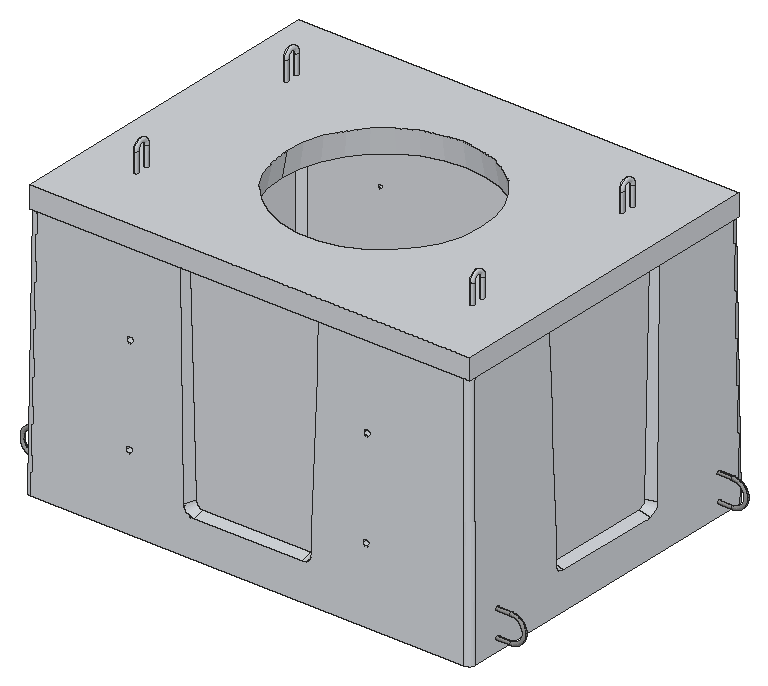
Revit family "110101-00059", category Обобщенные модели, Revit 2019
Family settings
  Может служить основой для арматурных стержней = Нет
  Размер круглого соединителя = Использовать диаметр
  Тип детали = Нормальный
  На основе рабочей плоскости = Нет
  Всегда вертикально = Да
  При загрузке вырезать с полостями = Нет
  Общий = Нет
  Точка расчета площади = Нет
Parameters (values of type "Колодец ККСр-1-10(80) ГЕК-ССД")
  ADSK_Ширина = 1050 mm
  ADSK_Ссылка на сайт = "https://www.ssd.ru/kolodets-kksr-1-10-80-gek-ssd-v22-5"
  ADSK_Сертификат соответствия = "https://www.ssd.ru/upload/iblock/ec0/sert_b25_0221.pdf"
  ADSK_Наименование = "Колодец ККСр-1-10(80) ГЕК-ССД"
  ADSK_Масса = "1089"
  ADSK_Марка = "ККСр"
  ADSK_Код изделия = "110101-00059"
  ADSK_Класс бетона = "В25"
  ADSK_Изготовитель = "АО \"СВЯЗЬСТРОЙДЕТАЛЬ\""
  ADSK_Длина = 1370 mm
  ADSK_Высота = 780 mm
Reference planes
  plane 1 "По центру (Вперед/Назад)": y = 0
  plane 2: z = 0
  plane 3 "По центру (Влево/Вправо)": x = 0
  plane 4: x = -685
  plane 5: x = 685
  plane 6: y = 525
  plane 7: y = -525
  plane 8: z = 780
  plane 9: z = 40
  plane 10: z = 80
  plane 11: z = 120
Forms (mm)
  Blend 1, solid
    base sketch origin (0, 0, 0) x (1, 0, 0) y (0, 1, 0)
      loop
        arc (-655, 515) -> (-669.142, 509.142) -> (-675, 495) r 20
        line (-675, 495) -> (-675, -495)
        arc (-675, -495) -> (-669.142, -509.142) -> (-655, -515) r 20
        line (-655, -515) -> (655, -515)
        arc (655, -515) -> (669.142, -509.142) -> (675, -495) r 20
        line (675, -495) -> (675, 495)
        arc (675, 495) -> (669.142, 509.142) -> (655, 515) r 20
        line (655, 515) -> (-655, 515)
    top sketch origin (0, 0, 0) x (1, 0, 0) y (0, 1, 0)
      loop
        arc (-665, 525) -> (-679.142, 519.142) -> (-685, 505) r 20
        line (-685, 505) -> (-685, -505)
        arc (-685, -505) -> (-679.142, -519.142) -> (-665, -525) r 20
        line (-665, -525) -> (665, -525)
        arc (665, -525) -> (679.142, -519.142) -> (685, -505) r 20
        line (685, -505) -> (685, 505)
        arc (685, 505) -> (679.142, 519.142) -> (665, 525) r 20
        line (665, 525) -> (-665, 525)
    from 780 to 0
  Blend 2, void
    base sketch origin (0, 0, 0) x (1, 0, 0) y (0, 1, 0)
      loop
        line (-585, 435) -> (-605, 415) -> (-605, -415) -> (-585, -435) -> (585, -435) -> (605, -415) -> (605, 415) -> (585, 435) -> (-585, 435)
    top sketch origin (0, 0, 0) x (1, 0, 0) y (0, 1, 0)
      loop
        line (-595, 445) -> (-615, 425) -> (-615, -425) -> (-595, -445) -> (595, -445) -> (615, -425) -> (615, 425) -> (595, 445) -> (-595, 445)
    from 120 to 780
  Blend 3, void
    base sketch origin (0, 0, 0) x (1, 0, 0) y (0, 1, 0)
      loop
        line (-543, 393) -> (-563, 373) -> (-563, -373) -> (-543, -393) -> (543, -393) -> (563, -373) -> (563, 373) -> (543, 393) -> (-543, 393)
    top sketch origin (0, 0, 0) x (1, 0, 0) y (0, 1, 0)
      loop
        line (-605, 415) -> (-605, -415) -> (-585, -435) -> (585, -435) -> (605, -415) -> (605, 415) -> (585, 435) -> (-585, 435) -> (-605, 415)
    from 80 to 120
  Blend 4, void
    base sketch origin (0, 0, 0) x (1, 0, 0) y (0, 1, 0)
      loop
        line (-100, 75) -> (-100, -75) -> (100, -75) -> (100, 75) -> (-100, 75)
    top sketch origin (0, 0, 0) x (1, 0, 0) y (0, 1, 0)
      loop
        line (-140, 115) -> (-140, -115) -> (140, -115) -> (140, 115) -> (-140, 115)
    from 40 to 80
  Blend 5, void
    base sketch origin (0, 0, 0) x (1, 0, 0) y (0, 0, 1)
      loop
        line (205, 780) -> (-205, 780) -> (-185.73, 140.593)
        arc (-185.73, 140.593) -> (-179.677, 125.979) -> (-165.063, 119.926) r 20.667
        line (-165.063, 119.926) -> (165.138, 119.926)
        arc (165.138, 119.926) -> (179.629, 125.929) -> (185.632, 140.42) r 20.493
        line (185.632, 140.42) -> (205, 780)
    top sketch origin (0, 0, 0) x (1, 0, 0) y (0, 0, 1)
      loop
        arc (165.137, 109.917) -> (186.702, 118.85) -> (195.635, 140.416) r 30.498
        line (195.635, 140.416) -> (215, 780) -> (-215, 780) -> (-195.725, 140.444)
        arc (-195.725, 140.444) -> (-186.784, 118.858) -> (-165.198, 109.917) r 30.527
        line (-165.198, 109.917) -> (165.137, 109.917)
    from 489.678 to 525
  Blend 6, void
    base sketch origin (158.873, 0, 0) x (0, -1, 0) y (0, 0, -1)
      loop
        line (205, -780) -> (185.632, -140.42)
        arc (185.632, -140.42) -> (179.629, -125.929) -> (165.138, -119.926) r 20.493
        line (165.138, -119.926) -> (-165.063, -119.926)
        arc (-165.063, -119.926) -> (-179.677, -125.979) -> (-185.73, -140.593) r 20.667
        line (-185.73, -140.593) -> (-205, -780) -> (205, -780)
    top sketch origin (158.873, 0, 0) x (0, -1, 0) y (0, 0, -1)
      loop
        line (165.137, -109.917) -> (-165.198, -109.917)
        arc (-165.198, -109.917) -> (-186.784, -118.858) -> (-195.725, -140.444) r 30.527
        line (-195.725, -140.444) -> (-215, -780) -> (215, -780) -> (195.635, -140.416)
        arc (195.635, -140.416) -> (186.702, -118.85) -> (165.137, -109.917) r 30.498
    from 489.678 to 525.451
  Blend 7, void
    base sketch origin (-158.873, 0, 0) x (0, -1, 0) y (0, 0, 1)
      loop
        line (205, 780) -> (-205, 780) -> (-185.73, 140.593)
        arc (-185.73, 140.593) -> (-179.677, 125.979) -> (-165.063, 119.926) r 20.667
        line (-165.063, 119.926) -> (165.138, 119.926)
        arc (165.138, 119.926) -> (179.629, 125.929) -> (185.632, 140.42) r 20.493
        line (185.632, 140.42) -> (205, 780)
    top sketch origin (-158.873, 0, 0) x (0, -1, 0) y (0, 0, 1)
      loop
        arc (165.137, 109.917) -> (186.702, 118.85) -> (195.635, 140.416) r 30.498
        line (195.635, 140.416) -> (215, 780) -> (-215, 780) -> (-195.725, 140.444)
        arc (-195.725, 140.444) -> (-186.784, 118.858) -> (-165.198, 109.917) r 30.527
        line (-165.198, 109.917) -> (165.137, 109.917)
    from 489.678 to 525.451
  Blend 8, void, detail levels fine
    base sketch origin (0, 0, 0) x (1, 0, 0) y (0, 0, 1)
      loop
        circle (-363, 230) r 9.5
    top sketch origin (0, 0, 0) x (1, 0, 0) y (0, 0, 1)
      loop
        circle (-363, 230) r 9.5
    from 477.643 to 525
  Blend 9, void, detail levels fine
    base sketch origin (0, 0, 0) x (1, 0, 0) y (0, 0, 1)
      loop
        circle (-363, 230) r 6.5
    top sketch origin (0, 0, 0) x (1, 0, 0) y (0, 0, 1)
      loop
        circle (-363, 230) r 6.5
    from 415.554 to 489.678
  Blend 10, void, detail levels fine
    base sketch origin (0, 0, 300) x (1, 0, 0) y (0, 0, 1)
      loop
        circle (-363, 230) r 9.5
    top sketch origin (0, 0, 300) x (1, 0, 0) y (0, 0, 1)
      loop
        circle (-363, 230) r 9.5
    from 477.643 to 525
  Blend 11, void, detail levels fine
    base sketch origin (0, 0, 300) x (1, 0, 0) y (0, 0, 1)
      loop
        circle (-363, 230) r 6.5
    top sketch origin (0, 0, 300) x (1, 0, 0) y (0, 0, 1)
      loop
        circle (-363, 230) r 6.5
    from 415.554 to 502.304
  Blend 12, void, detail levels fine
    base sketch origin (0, 0, 0) x (-1, 0, 0) y (0, 0, -1)
      loop
        circle (-363, -230) r 9.5
    top sketch origin (0, 0, 0) x (-1, 0, 0) y (0, 0, -1)
      loop
        circle (-363, -230) r 9.5
    from 477.643 to 525
  Blend 13, void, detail levels fine
    base sketch origin (0, 0, 0) x (-1, 0, 0) y (0, 0, -1)
      loop
        circle (-363, -230) r 6.5
    top sketch origin (0, 0, 0) x (-1, 0, 0) y (0, 0, -1)
      loop
        circle (-363, -230) r 6.5
    from 415.554 to 489.678
  Blend 14, void, detail levels fine
    base sketch origin (0, 0, 300) x (-1, 0, 0) y (0, 0, -1)
      loop
        circle (-363, -230) r 9.5
    top sketch origin (0, 0, 300) x (-1, 0, 0) y (0, 0, -1)
      loop
        circle (-363, -230) r 9.5
    from 477.643 to 525
  Blend 15, void, detail levels fine
    base sketch origin (0, 0, 300) x (-1, 0, 0) y (0, 0, -1)
      loop
        circle (-363, -230) r 6.5
    top sketch origin (0, 0, 300) x (-1, 0, 0) y (0, 0, -1)
      loop
        circle (-363, -230) r 6.5
    from 415.554 to 489.678
  Blend 16, void, detail levels fine
    base sketch origin (0, 0, 0) x (1, 0, 0) y (0, 0, -1)
      loop
        circle (-363, -230) r 9.5
    top sketch origin (0, 0, 0) x (1, 0, 0) y (0, 0, -1)
      loop
        circle (-363, -230) r 9.5
    from 477.643 to 525
  Blend 17, void
    base sketch origin (0, 0, 0) x (1, 0, 0) y (0, 0, -1)
      loop
        circle (-363, -230) r 6.5
    top sketch origin (0, 0, 0) x (1, 0, 0) y (0, 0, -1)
      loop
        circle (-363, -230) r 6.5
    from 415.554 to 489.678
  Blend 18, void, detail levels fine
    base sketch origin (0, 0, 300) x (1, 0, 0) y (0, 0, -1)
      loop
        circle (-363, -230) r 9.5
    top sketch origin (0, 0, 300) x (1, 0, 0) y (0, 0, -1)
      loop
        circle (-363, -230) r 9.5
    from 477.643 to 525
  Blend 19, void
    base sketch origin (0, 0, 300) x (1, 0, 0) y (0, 0, -1)
      loop
        circle (-363, -230) r 6.5
    top sketch origin (0, 0, 300) x (1, 0, 0) y (0, 0, -1)
      loop
        circle (-363, -230) r 6.5
    from 415.554 to 489.678
  Blend 20, void
    base sketch origin (0, 0, 0) x (-1, 0, 0) y (0, 0, 1)
      loop
        circle (-363, 230) r 9.5
    top sketch origin (0, 0, 0) x (-1, 0, 0) y (0, 0, 1)
      loop
        circle (-363, 230) r 9.5
    from 477.643 to 525
  Blend 21, void
    base sketch origin (0, 0, 0) x (-1, 0, 0) y (0, 0, 1)
      loop
        circle (-363, 230) r 6.5
    top sketch origin (0, 0, 0) x (-1, 0, 0) y (0, 0, 1)
      loop
        circle (-363, 230) r 6.5
    from 415.554 to 489.678
  Blend 22, void, detail levels fine
    base sketch origin (0, 0, 300) x (-1, 0, 0) y (0, 0, 1)
      loop
        circle (-363, 230) r 9.5
    top sketch origin (0, 0, 300) x (-1, 0, 0) y (0, 0, 1)
      loop
        circle (-363, 230) r 9.5
    from 477.643 to 525
  Blend 23, void
    base sketch origin (0, 0, 300) x (-1, 0, 0) y (0, 0, 1)
      loop
        circle (-363, 230) r 6.5
    top sketch origin (0, 0, 300) x (-1, 0, 0) y (0, 0, 1)
      loop
        circle (-363, 230) r 6.5
    from 415.554 to 489.678
  Blend 24, void
    base sketch origin (0, 0, 0) x (1, 0, 0) y (0, 0, -1)
      loop
        line (205, -780) -> (185.632, -140.42)
        arc (185.632, -140.42) -> (179.629, -125.929) -> (165.138, -119.926) r 20.493
        line (165.138, -119.926) -> (-165.063, -119.926)
        arc (-165.063, -119.926) -> (-179.677, -125.979) -> (-185.73, -140.593) r 20.667
        line (-185.73, -140.593) -> (-205, -780) -> (205, -780)
    top sketch origin (0, 0, 0) x (1, 0, 0) y (0, 0, -1)
      loop
        line (165.137, -109.917) -> (-165.198, -109.917)
        arc (-165.198, -109.917) -> (-186.784, -118.858) -> (-195.725, -140.444) r 30.527
        line (-195.725, -140.444) -> (-215, -780) -> (215, -780) -> (195.635, -140.416)
        arc (195.635, -140.416) -> (186.702, -118.85) -> (165.137, -109.917) r 30.498
    from 489.678 to 525
  Sweep 25, solid, material "Петля", detail levels fine
    path origin (0, 0, 0) x (1, 0, 0) y (0, 0, 1)
      loop
        line (685, 40) -> (730, 40)
        arc (730, 40) -> (770, 80) -> (730, 120) r 40
        line (730, 120) -> (683.462, 120)
    profile origin (707.5, 0, 40) x (0, 0, 1) y (0, -1, 0)
      loop
        circle (0, -425) r 5
  Sweep 26, solid, material "Петля", detail levels fine
    path origin (0, 0, 0) x (1, 0, 0) y (0, 0, -1)
      loop
        line (685, -40) -> (730, -40)
        arc (730, -40) -> (770, -80) -> (730, -120) r 40
        line (730, -120) -> (683.462, -120)
    profile origin (707.5, 0, 40) x (0, 0, -1) y (0, 1, 0)
      loop
        circle (0, -425) r 5
  Sweep 27, solid, material "Петля", detail levels fine
    path origin (0, 0, 0) x (-1, 0, 0) y (0, 0, 1)
      loop
        line (685, 40) -> (730, 40)
        arc (730, 40) -> (770, 80) -> (730, 120) r 40
        line (730, 120) -> (683.462, 120)
    profile origin (-707.5, 0, 40) x (0, 0, 1) y (0, 1, 0)
      loop
        circle (0, -425) r 5
  Sweep 28, solid, material "Петля", detail levels fine
    path origin (0, 0, 0) x (-1, 0, 0) y (0, 0, -1)
      loop
        line (685, -40) -> (730, -40)
        arc (730, -40) -> (770, -80) -> (730, -120) r 40
        line (730, -120) -> (683.462, -120)
    profile origin (-707.5, 0, 40) x (0, 0, -1) y (0, -1, 0)
      loop
        circle (0, -425) r 5
Cuts and joins
  Blend 2, Blend 3, Blend 4, Blend 5, Blend 6, Blend 7, Blend 8, Blend 9, Blend 10, Blend 11, Blend 12, Blend 13, Blend 14, Blend 15, Blend 16, Blend 17, Blend 18, Blend 19, Blend 20, Blend 21, Blend 22, Blend 23, Blend 24 cuts Blend 1
Dimensions and locks
  "ADSK_Длина": plane 4 to plane 5
  equal spacing: plane 4, plane 3 "По центру (Влево/Вправо)", plane 5
  "ADSK_Ширина": plane 6 to plane 7
  equal spacing: plane 6, plane 1 "По центру (Вперед/Назад)", plane 7
  "ADSK_Высота": level to plane 8
  plane 2 to plane 9 = 40 mm
  plane 2 to plane 10 = 80 mm
  plane 2 to plane 11 = 120 mm
  aligned and locked: level to plane 2
  aligned and locked: Blend 1 sketch curve to plane 6
  aligned and locked: plane 4 to Blend 1 sketch curve
  aligned and locked: plane 7 to Blend 1 sketch curve
  aligned and locked: Blend 1 sketch curve to plane 5
  aligned and locked: Blend 1 to Blend 2
  aligned and locked: Blend 2 to plane 11
  aligned and locked: plane 10 to Blend 4
  aligned and locked: Blend 4 to plane 9
Automatic sketch dimensions
  plane 4 to Blend 1 sketch curve = 10 mm
  plane 7 to Blend 1 sketch curve = 10 mm
  Blend 1 sketch curve to Blend 1 sketch curve = 20 mm  (x3)
  Blend 1 sketch curve to plane 6 = 10 mm
  Blend 1 sketch curve to plane 5 = 30 mm  (x2)
  Blend 1 sketch curve to plane 5 = 10 mm
  Blend 1 sketch curve to plane 6 = 0 mm
  plane 4 to Blend 1 sketch curve = 20 mm
  Blend 1 sketch curve to plane 5 = 20 mm  (x2)
  Blend 1 sketch curve to Blend 1 sketch curve = 0 mm
  plane 4 to Blend 2 sketch curve = 80 mm
  Blend 2 sketch curve to Blend 2 sketch curve = 20 mm  (x12)
  Blend 2 sketch curve to plane 5 = 100 mm  (x2)
  plane 7 to Blend 2 sketch curve = 90 mm
  Blend 2 sketch curve to plane 6 = 110 mm  (x2)
  plane 4 to Blend 2 sketch curve = 70 mm
  Blend 2 sketch curve to plane 5 = 90 mm  (x2)
  plane 7 to Blend 2 sketch curve = 80 mm
  Blend 2 sketch curve to plane 6 = 100 mm  (x2)
  plane 4 to Blend 3 sketch curve = 122 mm
  Blend 3 sketch curve to Blend 3 sketch curve = 20 mm  (x12)
  Blend 3 sketch curve to plane 5 = 142 mm  (x2)
  plane 7 to Blend 3 sketch curve = 132 mm
  Blend 3 sketch curve to plane 6 = 152 mm  (x2)
  plane 4 to Blend 3 sketch curve = 80 mm
  Blend 3 sketch curve to plane 5 = 100 mm  (x2)
  plane 7 to Blend 3 sketch curve = 90 mm
  Blend 3 sketch curve to plane 6 = 110 mm  (x2)
  Blend 4 sketch curve to plane 3 "По центру (Влево/Вправо)" = 100 mm
  plane 3 "По центру (Влево/Вправо)" to Blend 4 sketch curve = 100 mm
  plane 1 "По центру (Вперед/Назад)" to Blend 4 sketch curve = 75 mm
  Blend 4 sketch curve to plane 1 "По центру (Вперед/Назад)" = 75 mm
  Blend 4 sketch curve to plane 3 "По центру (Влево/Вправо)" = 140 mm
  plane 3 "По центру (Влево/Вправо)" to Blend 4 sketch curve = 140 mm
  plane 1 "По центру (Вперед/Назад)" to Blend 4 sketch curve = 115 mm
  Blend 4 sketch curve to plane 1 "По центру (Вперед/Назад)" = 115 mm
  Blend 5 sketch curve to plane 8 = 0 mm  (x2)
  Blend 5 sketch curve to plane 3 "По центру (Влево/Вправо)" = 205 mm
  plane 11 to Blend 5 sketch curve = 20.593 mm
  Blend 5 sketch curve to plane 3 "По центру (Влево/Вправо)" = 185.73 mm
  Blend 5 sketch curve to plane 11 = 0.074 mm
  plane 3 "По центру (Влево/Вправо)" to Blend 5 sketch curve = 165.138 mm
  plane 11 to Blend 5 sketch curve = 20.42 mm
  plane 3 "По центру (Влево/Вправо)" to Blend 5 sketch curve = 205 mm
  Blend 5 sketch curve to plane 3 "По центру (Влево/Вправо)" = 215 mm
  plane 11 to Blend 5 sketch curve = 20.444 mm
  Blend 5 sketch curve to plane 3 "По центру (Влево/Вправо)" = 195.725 mm
  Blend 5 sketch curve to plane 11 = 10.083 mm
  plane 3 "По центру (Влево/Вправо)" to Blend 5 sketch curve = 165.137 mm
  plane 11 to Blend 5 sketch curve = 20.416 mm
  plane 3 "По центру (Влево/Вправо)" to Blend 5 sketch curve = 215 mm
  Blend 6 sketch curve to plane 8 = 0 mm  (x2)
  Blend 6 sketch curve to plane 1 "По центру (Вперед/Назад)" = 205 mm
  plane 11 to Blend 6 sketch curve = 20.593 mm
  Blend 6 sketch curve to plane 1 "По центру (Вперед/Назад)" = 185.73 mm
  Blend 6 sketch curve to plane 11 = 0.074 mm
  plane 1 "По центру (Вперед/Назад)" to Blend 6 sketch curve = 165.138 mm
  plane 11 to Blend 6 sketch curve = 20.42 mm
  plane 1 "По центру (Вперед/Назад)" to Blend 6 sketch curve = 205 mm
  Blend 6 sketch curve to plane 1 "По центру (Вперед/Назад)" = 215 mm
  plane 11 to Blend 6 sketch curve = 20.444 mm
  Blend 6 sketch curve to plane 1 "По центру (Вперед/Назад)" = 195.725 mm
  Blend 6 sketch curve to plane 11 = 10.083 mm
  plane 1 "По центру (Вперед/Назад)" to Blend 6 sketch curve = 165.137 mm
  plane 11 to Blend 6 sketch curve = 20.416 mm
  plane 1 "По центру (Вперед/Назад)" to Blend 6 sketch curve = 215 mm
  Blend 7 sketch curve to plane 8 = 0 mm  (x2)
  Blend 7 sketch curve to plane 1 "По центру (Вперед/Назад)" = 205 mm
  plane 11 to Blend 7 sketch curve = 20.593 mm
  Blend 7 sketch curve to plane 1 "По центру (Вперед/Назад)" = 185.73 mm
  Blend 7 sketch curve to plane 11 = 0.074 mm
  plane 1 "По центру (Вперед/Назад)" to Blend 7 sketch curve = 165.138 mm
  plane 11 to Blend 7 sketch curve = 20.42 mm
  plane 1 "По центру (Вперед/Назад)" to Blend 7 sketch curve = 205 mm
  Blend 7 sketch curve to plane 1 "По центру (Вперед/Назад)" = 215 mm
  plane 11 to Blend 7 sketch curve = 20.444 mm
  Blend 7 sketch curve to plane 1 "По центру (Вперед/Назад)" = 195.725 mm
  Blend 7 sketch curve to plane 11 = 10.083 mm
  plane 1 "По центру (Вперед/Назад)" to Blend 7 sketch curve = 165.137 mm
  plane 11 to Blend 7 sketch curve = 20.416 mm
  plane 1 "По центру (Вперед/Назад)" to Blend 7 sketch curve = 215 mm
  plane 11 to Blend 8 sketch curve = 110 mm  (x2)
  plane 4 to Blend 8 sketch curve = 322 mm  (x2)
  plane 11 to Blend 9 sketch curve = 110 mm  (x2)
  plane 4 to Blend 9 sketch curve = 322 mm  (x2)
  plane 4 to Blend 10 sketch curve = 322 mm  (x2)
  Blend 10 sketch curve to plane 8 = 250 mm  (x2)
  plane 4 to Blend 11 sketch curve = 322 mm  (x2)
  Blend 11 sketch curve to plane 8 = 250 mm  (x2)
  Blend 12 sketch curve to plane 11 = 110 mm  (x2)
  plane 5 to Blend 12 sketch curve = 322 mm  (x2)
  Blend 13 sketch curve to plane 11 = 110 mm  (x2)
  plane 5 to Blend 13 sketch curve = 322 mm  (x2)
  plane 5 to Blend 14 sketch curve = 322 mm  (x2)
  plane 8 to Blend 14 sketch curve = 250 mm  (x2)
  plane 5 to Blend 15 sketch curve = 322 mm  (x2)
  plane 8 to Blend 15 sketch curve = 250 mm  (x2)
  plane 11 to Blend 16 sketch curve = 110 mm  (x2)
  plane 4 to Blend 16 sketch curve = 322 mm  (x2)
  plane 11 to Blend 17 sketch curve = 110 mm  (x2)
  plane 4 to Blend 17 sketch curve = 322 mm  (x2)
  plane 4 to Blend 18 sketch curve = 322 mm  (x2)
  Blend 18 sketch curve to plane 8 = 250 mm  (x2)
  plane 4 to Blend 19 sketch curve = 322 mm  (x2)
  Blend 19 sketch curve to plane 8 = 250 mm  (x2)
  plane 11 to Blend 20 sketch curve = 110 mm  (x2)
  Blend 20 sketch curve to plane 5 = 322 mm  (x2)
  plane 11 to Blend 21 sketch curve = 110 mm  (x2)
  Blend 21 sketch curve to plane 5 = 322 mm  (x2)
  Blend 22 sketch curve to plane 5 = 322 mm  (x2)
  Blend 22 sketch curve to plane 8 = 250 mm  (x2)
  Blend 23 sketch curve to plane 5 = 322 mm  (x2)
  Blend 23 sketch curve to plane 8 = 250 mm  (x2)
  Blend 24 sketch curve to plane 8 = 0 mm  (x2)
  Blend 24 sketch curve to plane 3 "По центру (Влево/Вправо)" = 205 mm
  plane 11 to Blend 24 sketch curve = 20.593 mm
  Blend 24 sketch curve to plane 3 "По центру (Влево/Вправо)" = 185.73 mm
  Blend 24 sketch curve to plane 11 = 0.074 mm
  plane 3 "По центру (Влево/Вправо)" to Blend 24 sketch curve = 165.138 mm
  plane 11 to Blend 24 sketch curve = 20.42 mm
  plane 3 "По центру (Влево/Вправо)" to Blend 24 sketch curve = 205 mm
  Blend 24 sketch curve to plane 3 "По центру (Влево/Вправо)" = 215 mm
  plane 11 to Blend 24 sketch curve = 20.444 mm
  Blend 24 sketch curve to plane 3 "По центру (Влево/Вправо)" = 195.725 mm
  Blend 24 sketch curve to plane 11 = 10.083 mm
  plane 3 "По центру (Влево/Вправо)" to Blend 24 sketch curve = 165.137 mm
  plane 11 to Blend 24 sketch curve = 20.416 mm
  plane 3 "По центру (Влево/Вправо)" to Blend 24 sketch curve = 215 mm
  Sweep 25 sketch curve to plane 11 = 0 mm
  Sweep 25 sketch curve to plane 5 = 0 mm
  Sweep 25 sketch curve to plane 10 = 0 mm
  plane 5 to Sweep 25 sketch curve = 45 mm
  Sweep 25 sketch curve to plane 5 = 1.538 mm
  profile plane to Sweep 25 sketch curve = 0 mm
  Sweep 25 sketch curve to plane 1 "По центру (Вперед/Назад)" = 425 mm
  Sweep 26 sketch curve to plane 11 = 0 mm
  Sweep 26 sketch curve to plane 5 = 0 mm
  Sweep 26 sketch curve to plane 10 = 0 mm
  plane 5 to Sweep 26 sketch curve = 45 mm
  Sweep 26 sketch curve to plane 5 = 1.538 mm
  Sweep 26 sketch curve to profile plane = 0 mm
  Sweep 26 sketch curve to profile plane = 425 mm
  Sweep 27 sketch curve to plane 11 = 0 mm
  Sweep 27 sketch curve to plane 4 = 0 mm
  Sweep 27 sketch curve to plane 10 = 0 mm
  Sweep 27 sketch curve to plane 4 = 45 mm
  plane 4 to Sweep 27 sketch curve = 1.538 mm
  profile plane to Sweep 27 sketch curve = 0 mm
  Sweep 27 sketch curve to profile plane = 425 mm
  Sweep 28 sketch curve to plane 11 = 0 mm
  Sweep 28 sketch curve to plane 4 = 0 mm
  Sweep 28 sketch curve to plane 10 = 0 mm
  Sweep 28 sketch curve to plane 4 = 45 mm
  plane 4 to Sweep 28 sketch curve = 1.538 mm
  Sweep 28 sketch curve to profile plane = 0 mm
  Sweep 28 sketch curve to profile plane = 425 mm
  radius of Blend 8 sketch curve = 9.5 mm  (x2)
  radius of Blend 9 sketch curve = 6.5 mm  (x2)
  radius of Blend 10 sketch curve = 9.5 mm  (x2)
  radius of Blend 11 sketch curve = 6.5 mm  (x2)
  radius of Blend 12 sketch curve = 9.5 mm  (x2)
  radius of Blend 13 sketch curve = 6.5 mm  (x2)
  radius of Blend 14 sketch curve = 9.5 mm  (x2)
  radius of Blend 15 sketch curve = 6.5 mm  (x2)
  radius of Blend 16 sketch curve = 9.5 mm  (x2)
  radius of Blend 17 sketch curve = 6.5 mm  (x2)
  radius of Blend 18 sketch curve = 9.5 mm  (x2)
  radius of Blend 19 sketch curve = 6.5 mm  (x2)
  radius of Blend 20 sketch curve = 9.5 mm  (x2)
  radius of Blend 21 sketch curve = 6.5 mm  (x2)
  radius of Blend 22 sketch curve = 9.5 mm  (x2)
  radius of Blend 23 sketch curve = 6.5 mm  (x2)
  radius of Sweep 25 sketch curve = 5 mm
  radius of Sweep 26 sketch curve = 5 mm
  radius of Sweep 27 sketch curve = 5 mm
  radius of Sweep 28 sketch curve = 5 mm
Nested families
  nested 1: "110202-00007 Плита перекрытия колодца ККСр-1-10(80)" at (0, 0, 769.493), type "Плита перекрытия колодца ККСр-1-10(80)"
    with ADSK_Ширина 1030 mm, ADSK_Ссылка на сайт "https://www.ssd.ru/plita-perekrytiya-kolodtsa-kksr-1-10-80", ADSK_Наименование "Плита перекрытия колодца ККСр-1-10(80)", ADSK_Марка "ККСр-1-10(80)", ADSK_Код изделия "110202-00007", ADSK_Длина 1350 mm, ADSK_Высота 80 mm, ADSK_Внутр.окр 600 mm, ADSK_b 73 mm
Definition of nested family "110202-00007 Плита перекрытия колодца ККСр-1-10(80)"
  Parameters (values of type "Плита перекрытия колодца ККСр-1-10(80)")
    ADSK_Ширина [instance] = 1030 mm
    ADSK_Ссылка на сайт [instance] = "https://www.ssd.ru/plita-perekrytiya-kolodtsa-kksr-1-10-80"
    ADSK_Наименование [instance] = "Плита перекрытия колодца ККСр-1-10(80)"
    ADSK_Масса = "195"
    ADSK_Марка [instance] = "ККСр-1-10(80)"
    ADSK_Код изделия [instance] = "110202-00007"
    ADSK_Завод-изготовитель = "\"АО СВЯЗЬСТРОЙДЕТАЛЬ\""
    ADSK_Длина [instance] = 1350 mm
    ADSK_Высота [instance] = 80 mm
    ADSK_Внутр.окр [instance] = 600 mm
    ADSK_b [instance] = 73 mm
  Reference planes
    plane 1 "По центру (Вперед/Назад)": y = 0
    plane 2: z = -4.493
    plane 3 "По центру (Влево/Вправо)": x = 0
    plane 4: x = -675
    plane 5: x = 675
    plane 6: y = -515
    plane 7: y = 515
    plane 8: z = 75.507
  Forms (mm)
    Extrusion 1, solid
      sketch origin (155, 5, 0) x (1, 0, 0) y (0, 1, 0)
        loop
          line (-830, 510) -> (-830, -520) -> (520, -520) -> (520, 510) -> (-830, 510)
      from -4.493 to 75.507
    Blend 2, void
      base sketch origin (0, 0, -4.493) x (1, 0, 0) y (0, 1, 0)
        loop
          circle (0, 0) r 315
      top sketch origin (0, 0, -4.493) x (1, 0, 0) y (0, 1, 0)
        loop
          circle (0, 0) r 300
      from 0 to 80
    Extrusion 3, void
      sketch origin (0, 0, 0) x (1, 0, 0) y (0, 0, 1)
        loop
          line (675, 10.507) -> (602, 10.507) -> (600, -4.493) -> (675, -4.493) -> (675, 10.507)
      from -515 to 515
    Extrusion 4, void
      sketch origin (0, 0, 0) x (-1, 0, 0) y (0, 0, -1)
        loop
          line (675, -10.507) -> (675, 4.493) -> (600, 4.493) -> (602, -10.507) -> (675, -10.507)
      from -515 to 515
    Extrusion 5, void
      sketch origin (42.5, -182.207, 0) x (0, 1, 0) y (0, 0, 1)
        loop
          line (697.207, 10.507) -> (626.207, 10.507) -> (624.207, -4.493) -> (697.207, -4.493) -> (697.207, 10.507)
      from -717.5 to 632.5
    Extrusion 6, void
      sketch origin (42.5, 182.207, 0) x (0, -1, 0) y (0, 0, -1)
        loop
          line (697.207, -10.507) -> (697.207, 4.493) -> (624.207, 4.493) -> (626.207, -10.507) -> (697.207, -10.507)
      from -717.5 to 632.5
    Sweep 7, solid
      path origin (0, -20, 20) x (0, 1, 0) y (0, 0, -1)
        loop
          line (327, -55.507) -> (327, -115.507)
          arc (327, -115.507) -> (307, -135.507) -> (287, -115.507) r 20
          line (287, -115.507) -> (287, -55.507)
      profile origin (0, 307, 105.507) x (0, 1, 0) y (-1, 0, 0)
        loop
          circle (0, 515) r 6
    Sweep 8, solid
      path origin (0, 20, 20) x (0, -1, 0) y (0, 0, 1)
        loop
          line (327, 55.507) -> (327, 115.507)
          arc (327, 115.507) -> (307, 135.507) -> (287, 115.507) r 20
          line (287, 115.507) -> (287, 55.507)
      profile origin (0, -307, 105.507) x (0, 1, 0) y (-1, 0, 0)
        loop
          circle (0, 515) r 6
    Sweep 9, solid
      path origin (0, -20, 20) x (0, 1, 0) y (0, 0, 1)
        loop
          line (327, 55.507) -> (327, 115.507)
          arc (327, 115.507) -> (307, 135.507) -> (287, 115.507) r 20
          line (287, 115.507) -> (287, 55.507)
      profile origin (0, 307, 105.507) x (0, -1, 0) y (1, 0, 0)
        loop
          circle (0, 515) r 6
    Sweep 10, solid
      path origin (0, 20, 20) x (0, -1, 0) y (0, 0, -1)
        loop
          line (327, -55.507) -> (327, -115.507)
          arc (327, -115.507) -> (307, -135.507) -> (287, -115.507) r 20
          line (287, -115.507) -> (287, -55.507)
      profile origin (0, -307, 105.507) x (0, -1, 0) y (1, 0, 0)
        loop
          circle (0, 515) r 6
  Cuts and joins
    Blend 2, Extrusion 3, Extrusion 4, Extrusion 5, Extrusion 6 cuts Extrusion 1
  Dimensions and locks
    "ADSK_Длина": plane 4 to plane 5
    "ADSK_Ширина": plane 7 to plane 6
    equal spacing: plane 4, plane 3 "По центру (Влево/Вправо)", plane 5, locked at 675 each
    equal spacing: plane 7, plane 1 "По центру (Вперед/Назад)", plane 6, locked at 515 each
    "ADSK_Высота": plane 2 to plane 8
    aligned and locked: level to plane 2
    aligned and locked: plane 8 to Extrusion 1
    aligned and locked: Extrusion 1 to Blend 2
    aligned and locked: plane 7 to Extrusion 3
    aligned and locked: Extrusion 3 to plane 6
    aligned and locked: plane 7 to Extrusion 4
    aligned and locked: Extrusion 4 to plane 6
    aligned and locked: Extrusion 5 to plane 4
    aligned and locked: plane 5 to Extrusion 5
    aligned and locked: plane 5 to Extrusion 6
    aligned and locked: Extrusion 6 to plane 4
    aligned and locked: Extrusion 1 to plane 6
    aligned and locked: plane 7 to Extrusion 1
    aligned and locked: plane 5 to Extrusion 1
    aligned and locked: Extrusion 1 to plane 4
  Automatic sketch dimensions
    Extrusion 1 sketch curve to plane 4 = 0 mm
    Extrusion 1 sketch curve to plane 5 = 0 mm
    Extrusion 1 sketch curve to plane 6 = 0 mm
    Extrusion 1 sketch curve to plane 7 = 0 mm
    plane 1 "По центру (Вперед/Назад)" to Blend 2 sketch curve = 0 mm  (x2)
    Blend 2 sketch curve to plane 3 "По центру (Влево/Вправо)" = 0 mm  (x2)
    Extrusion 3 sketch curve to level = 0 mm
    Extrusion 3 sketch curve to plane 5 = 0 mm
    level to Extrusion 3 sketch curve = 15 mm
    Extrusion 3 sketch curve to Extrusion 3 sketch curve = 73 mm
    Extrusion 3 sketch curve to Extrusion 3 sketch curve = 2 mm
    Extrusion 4 sketch curve to level = 0 mm
    Extrusion 4 sketch curve to plane 4 = 0 mm
    level to Extrusion 4 sketch curve = 15 mm
    Extrusion 4 sketch curve to Extrusion 4 sketch curve = 73 mm
    Extrusion 4 sketch curve to Extrusion 4 sketch curve = 2 mm
    Extrusion 5 sketch curve to level = 0 mm
    Extrusion 5 sketch curve to plane 7 = 0 mm
    level to Extrusion 5 sketch curve = 15 mm
    Extrusion 5 sketch curve to plane 7 = 71 mm
    Extrusion 5 sketch curve to Extrusion 5 sketch curve = 2 mm
    Extrusion 6 sketch curve to level = 0 mm
    Extrusion 6 sketch curve to plane 6 = 0 mm
    level to Extrusion 6 sketch curve = 15 mm
    Extrusion 6 sketch curve to Extrusion 6 sketch curve = 71 mm
    Extrusion 6 sketch curve to Extrusion 6 sketch curve = 2 mm
    Sweep 7 sketch curve to plane 8 = 0 mm  (x2)
    plane 8 to Sweep 7 sketch curve = 60 mm
    Sweep 7 sketch curve to plane 7 = 248 mm
    Sweep 7 sketch curve to Sweep 7 sketch curve = 20 mm
    profile plane to Sweep 7 sketch curve = 0 mm
    profile plane to Sweep 7 sketch curve = 515 mm
    Sweep 8 sketch curve to plane 8 = 0 mm  (x2)
    plane 8 to Sweep 8 sketch curve = 60 mm
    plane 6 to Sweep 8 sketch curve = 248 mm
    Sweep 8 sketch curve to Sweep 8 sketch curve = 20 mm
    profile plane to Sweep 8 sketch curve = 0 mm
    profile plane to Sweep 8 sketch curve = 515 mm
    Sweep 9 sketch curve to plane 8 = 0 mm  (x2)
    plane 8 to Sweep 9 sketch curve = 60 mm
    Sweep 9 sketch curve to plane 7 = 248 mm
    Sweep 9 sketch curve to Sweep 9 sketch curve = 20 mm
    Sweep 9 sketch curve to profile plane = 0 mm
    profile plane to Sweep 9 sketch curve = 515 mm
    Sweep 10 sketch curve to plane 8 = 0 mm  (x2)
    plane 8 to Sweep 10 sketch curve = 60 mm
    plane 6 to Sweep 10 sketch curve = 248 mm
    Sweep 10 sketch curve to Sweep 10 sketch curve = 20 mm
    Sweep 10 sketch curve to profile plane = 0 mm
    profile plane to Sweep 10 sketch curve = 515 mm
    radius of Blend 2 sketch curve = 315 mm
    radius of Blend 2 sketch curve = 300 mm
    radius of Sweep 7 sketch curve = 6 mm
    radius of Sweep 8 sketch curve = 6 mm
    radius of Sweep 9 sketch curve = 6 mm
    radius of Sweep 10 sketch curve = 6 mm
